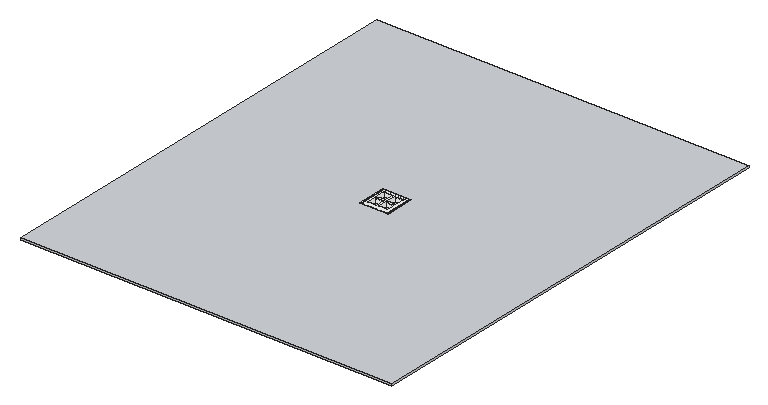
Revit family "Zumtobel MIRL mini", category Leuchten, Revit 2016
Family settings
  Basisbauteil = Fläche
  Teiletyp = Normal
  Bemaßung runder Anschluss = Durchmesser verwenden
  OmniClass-Nummer = 23.80.70.11
  OmniClass-Titel = Luminaries for Internal Lighting
  Beim Laden mit Abzugskörper schneiden = Nein
  Lichtquelle = Ja
  Gemeinsam genutzt = Nein
  Raumberechnungspunkt = Nein
Parameters (values of type "MIRL MINI LED1200")
  Width = 170.00 mm  # constant formula
  Wattage = 8.0112 W
  built-in parameter 1150110 = 1 (stored number, unit not read)
  Voltage = 230 V
  URL = "http://www.zumtobel.com/42184007"
  Typenkommentare = "© Zumtobel. We reserve the right to make technical changes without prior notice."  # constant formula
  built-in parameter 1114217 = 1 (stored number, unit not read)
  Tilt Angle = 90.00°
  built-in parameter 1150109 = 1 (stored number, unit not read)
  built-in parameter 1150134 = 12
  built-in parameter 1150113 = 1 (stored number, unit not read)
  Datei für fotometrisches Netz = "42184006_(STD).IES"
  Modell = "42184007"
  Hersteller = "Zumtobel Lighting"  # constant formula
  built-in parameter 1150105 = 94.697 (stored number, unit not read)
  Lumens = 1190 lm
  built-in parameter 1150115 = 1 (stored number, unit not read)
  built-in parameter 1150137 = (empty or 0)
  built-in parameter 1150139 = (empty or 0)
  Length = 170.00 mm  # constant formula
  built-in parameter 1150112 = 1 (stored number, unit not read)
  built-in parameter 1150114 = 1 (stored number, unit not read)
  Lampe = "LED"
  built-in parameter 1150132 = 2
  built-in parameter 1150102 = (empty or 0)
  built-in parameter 1150107 = 4000 (stored number, unit not read)
  built-in parameter 1150138 = (empty or 0)
  built-in parameter 1150106 = 0.94697 (stored number, unit not read)
  Height = 38.00 mm  # constant formula
  Emit from Rectangle Width = Length + 18.00 mm  # 188.00 mm
  Emit from Rectangle Length = Width + 18.00 mm  # 188.00 mm
  Emissionsform beim Rendern sichtbar = no
  built-in parameter 1150104 = 13.8 (stored number, unit not read)
  Farbtemperaturverschiebung bei Dämpfen der Lampe = <Keine Auswahl>
  Description = "Recessed LED luminaire "  # constant formula
  Cover [instance] = Zumtobel_MIREL_Lamp_Self_llumination
  Color Filter = 16777215
  Body [instance] = Zumtobel_Metal_White
  built-in parameter 1114218 = 1 (stored number, unit not read)
  built-in parameter 1150133 = 10 (stored number, unit not read)
  Apparent Load = 9.9 VA
  Default Elevation = 0.00 mm
  Baugruppenkennzeichen = "D5020200"
Reference planes
  plane 1 "Top": z = 0
  plane 2 "Center (Left/Right)": x = 0
  plane 3 "Center (Front/Back)": y = -11.001
  plane 4 "Back": y = 73.999
  plane 5 "Front": y = -96.001
  plane 6 "Left": x = -85
  plane 7 "Right": x = 85
  plane 8 "Back Cover": z = 0
  plane 9 "Top Body": z = 1.5
  plane 10: z = -21
  plane 11: z = -16.5
Forms (mm)
  Extrusion 1, solid
    sketch origin (0, 0, 0) x (1, 0, 0) y (0, 1, 0)
      loop
        line (-1219.2, 1439.2) -> (-1219.2, -1480.8) -> (1219.2, -1480.8) -> (1219.2, 1439.2) -> (-1219.2, 1439.2)
    from 0 to -10
  Extrusion 2, solid, material "Zumtobel_Metal_White" <- "Body", detail levels medium+fine
    sketch origin (0, 0, 0) x (1, 0, 0) y (0, 1, 0)
      loop
        line (-85, 73.999) -> (-85, -96.001) -> (85, -96.001) -> (85, 73.999) -> (-85, 73.999)
    from 0 to -38
  Blend 3, void
    base sketch origin (0, -574.933, 0) x (1, 0, 0) y (0, 1, 0)
      loop
        line (-65.95, 557.999) -> (-65.95, 497.999) -> (-5.95, 497.999) -> (-5.95, 557.999) -> (-65.95, 557.999)
    top sketch origin (0, -574.933, 0) x (1, 0, 0) y (0, 1, 0)
      loop
        line (-51.95, 543.999) -> (-51.95, 511.999) -> (-19.95, 511.999) -> (-19.95, 543.999) -> (-51.95, 543.999)
    from 1.5 to -16.5
  Blend 4, void
    base sketch origin (0, -574.933, 0) x (-1, 0, 0) y (0, -1, 0)
      loop
        line (-65.95, -557.999) -> (-5.95, -557.999) -> (-5.95, -497.999) -> (-65.95, -497.999) -> (-65.95, -557.999)
    top sketch origin (0, -574.933, 0) x (-1, 0, 0) y (0, -1, 0)
      loop
        line (-51.95, -543.999) -> (-19.95, -543.999) -> (-19.95, -511.999) -> (-51.95, -511.999) -> (-51.95, -543.999)
    from 1.5 to -16.5
  Blend 5, void
    base sketch origin (0, -503.067, 0) x (1, 0, 0) y (0, 1, 0)
      loop
        line (-65.95, 557.999) -> (-65.95, 497.999) -> (-5.95, 497.999) -> (-5.95, 557.999) -> (-65.95, 557.999)
    top sketch origin (0, -503.067, 0) x (1, 0, 0) y (0, 1, 0)
      loop
        line (-51.95, 543.999) -> (-51.95, 511.999) -> (-19.95, 511.999) -> (-19.95, 543.999) -> (-51.95, 543.999)
    from 1.5 to -16.5
  Blend 6, void
    base sketch origin (0, -503.067, 0) x (-1, 0, 0) y (0, -1, 0)
      loop
        line (-65.95, -557.999) -> (-5.95, -557.999) -> (-5.95, -497.999) -> (-65.95, -497.999) -> (-65.95, -557.999)
    top sketch origin (0, -503.067, 0) x (-1, 0, 0) y (0, -1, 0)
      loop
        line (-51.95, -543.999) -> (-19.95, -543.999) -> (-19.95, -511.999) -> (-51.95, -511.999) -> (-51.95, -543.999)
    from 1.5 to -16.5
  Extrusion 7, void
    sketch origin (0, 0, 0) x (1, 0, 0) y (0, 1, 0)
      loop
        line (-135, -146.001) -> (335, -146.001) -> (335, 123.999) -> (-135, 123.999) -> (-135, -146.001)
    from -10 to -60
  Extrusion 8, solid, material "Zumtobel_Metal_White" <- "Body", detail levels medium+fine
    sketch origin (0, 0, 0) x (1, 0, 0) y (0, 1, 0)
      loop
        line (-94, 82.999) -> (-94, -105.001) -> (94, -105.001) -> (94, 82.999) -> (-94, 82.999)
    from 0 to 1.5
  Extrusion 9, void
    sketch origin (0, 0, 0) x (1, 0, 0) y (0, 1, 0)
      loop
        line (-85, 73.999) -> (-85, -96.001) -> (85, -96.001) -> (85, 73.999) -> (-85, 73.999)
    from -10 to 0
Cuts and joins
  Blend 3, Blend 4, Blend 5, Blend 6 cuts Extrusion 2
  Blend 3, Blend 4, Blend 5, Blend 6 cuts Extrusion 8
  joined: Extrusion 2, Extrusion 8
Lines and regions (mm)
  symbolic lines, style "Zumtobel Lighting", detail levels coarse
    curve 1: line (-85, 73.999, 0) -> (85, 73.999, 0)
    curve 2: line (-85, -96.001, 0) -> (-85, 73.999, 0)
    curve 3: line (85, -96.001, 0) -> (-85, -96.001, 0)
    curve 4: line (85, 73.999, 0) -> (85, -96.001, 0)
  symbolic lines, style "Zumtobel Lighting"
    curve 5: line (-94, 82.999, 0) -> (94, 82.999, 0)
    curve 6: line (-94, -105.001, 0) -> (-94, 82.999, 0)
    curve 7: line (94, -105.001, 0) -> (-94, -105.001, 0)
    curve 8: line (94, 82.999, 0) -> (94, -105.001, 0)
Dimensions and locks
  equal spacing: plane 4 "Back", plane 3 "Center (Front/Back)", plane 5 "Front"
  "Length": plane 4 "Back" to plane 5 "Front"
  equal spacing: plane 6 "Left", plane 2 "Center (Left/Right)", plane 7 "Right"
  "Width": plane 6 "Left" to plane 7 "Right"
  locked: imposter light to plane 1 "Top" at 1.5
  locked: Extrusion 7 sketch curve to plane 4 "Back" at 50
  locked: Extrusion 7 sketch curve to plane 5 "Front" at 50
  locked: Extrusion 7 sketch curve to plane 6 "Left" at 50
  locked: plane 7 "Right" to Extrusion 7 sketch curve at 250
  aligned and locked: plane 1 "Top" to Extrusion 1
  aligned and locked: level to Extrusion 1
  aligned: imposter light to plane 2 "Center (Left/Right)"
  aligned: imposter light to plane 3 "Center (Front/Back)"
  aligned and locked: imposter light to plane 9 "Top Body"
  aligned and locked: imposter light to plane 2 "Center (Left/Right)"
  aligned: plane 1 "Top" to Extrusion 2
  aligned and locked: Extrusion 2 to plane 1 "Top"
  aligned and locked: Extrusion 2 sketch curve to plane 4 "Back"
  aligned and locked: Extrusion 2 sketch curve to plane 7 "Right"
  aligned and locked: Extrusion 2 sketch curve to plane 6 "Left"
  aligned and locked: Extrusion 2 sketch curve to plane 5 "Front"
Automatic sketch dimensions
  Extrusion 1 sketch curve to Extrusion 1 sketch curve = 2438.40 mm
  Extrusion 1 sketch curve to Extrusion 1 sketch curve = 2920.00 mm
  Blend 3 sketch curve to plane 2 "Center (Left/Right)" = 65.95 mm
  Blend 3 sketch curve to plane 2 "Center (Left/Right)" = 5.95 mm
  Blend 3 sketch curve to plane 3 "Center (Front/Back)" = 65.933 mm
  Blend 3 sketch curve to Blend 3 sketch curve = 60.00 mm
  Blend 3 sketch curve to plane 2 "Center (Left/Right)" = 51.95 mm
  Blend 3 sketch curve to plane 2 "Center (Left/Right)" = 19.95 mm
  Blend 3 sketch curve to plane 3 "Center (Front/Back)" = 51.933 mm
  Blend 3 sketch curve to Blend 3 sketch curve = 32.00 mm
  Blend 4 sketch curve to plane 2 "Center (Left/Right)" = 65.95 mm
  Blend 4 sketch curve to plane 2 "Center (Left/Right)" = 5.95 mm
  plane 3 "Center (Front/Back)" to Blend 4 sketch curve = 65.933 mm
  Blend 4 sketch curve to Blend 4 sketch curve = 60.00 mm
  Blend 4 sketch curve to plane 2 "Center (Left/Right)" = 51.95 mm
  Blend 4 sketch curve to plane 2 "Center (Left/Right)" = 19.95 mm
  plane 3 "Center (Front/Back)" to Blend 4 sketch curve = 51.933 mm
  Blend 4 sketch curve to Blend 4 sketch curve = 32.00 mm
  Blend 5 sketch curve to plane 2 "Center (Left/Right)" = 65.95 mm
  Blend 5 sketch curve to plane 2 "Center (Left/Right)" = 5.95 mm
  plane 3 "Center (Front/Back)" to Blend 5 sketch curve = 5.933 mm
  Blend 5 sketch curve to Blend 5 sketch curve = 60.00 mm
  Blend 5 sketch curve to plane 2 "Center (Left/Right)" = 51.95 mm
  Blend 5 sketch curve to plane 2 "Center (Left/Right)" = 19.95 mm
  plane 3 "Center (Front/Back)" to Blend 5 sketch curve = 19.933 mm
  Blend 5 sketch curve to Blend 5 sketch curve = 32.00 mm
  Blend 6 sketch curve to plane 2 "Center (Left/Right)" = 65.95 mm
  Blend 6 sketch curve to plane 2 "Center (Left/Right)" = 5.95 mm
  Blend 6 sketch curve to plane 3 "Center (Front/Back)" = 5.933 mm
  Blend 6 sketch curve to Blend 6 sketch curve = 60.00 mm
  Blend 6 sketch curve to plane 2 "Center (Left/Right)" = 51.95 mm
  Blend 6 sketch curve to plane 2 "Center (Left/Right)" = 19.95 mm
  Blend 6 sketch curve to plane 3 "Center (Front/Back)" = 19.933 mm
  Blend 6 sketch curve to Blend 6 sketch curve = 32.00 mm
  plane 5 "Front" to Extrusion 8 sketch curve = 9.00 mm
  plane 6 "Left" to Extrusion 8 sketch curve = 9.00 mm
  plane 7 "Right" to Extrusion 8 sketch curve = 9.00 mm
  plane 4 "Back" to Extrusion 8 sketch curve = 9.00 mm
  plane 5 "Front" to Extrusion 9 sketch curve = 0.00 mm
  Extrusion 9 sketch curve to plane 6 "Left" = 0.00 mm
  Extrusion 9 sketch curve to plane 7 "Right" = 0.00 mm
  Extrusion 9 sketch curve to plane 4 "Back" = 0.00 mm
  plane 5 "Front" to curve 3 = 0.00 mm
  curve 3 to plane 6 "Left" = 0.00 mm
  curve 1 to plane 4 "Back" = 0.00 mm
  curve 1 to plane 7 "Right" = 0.00 mm
  plane 6 "Left" to curve 5 = 9.00 mm
  plane 7 "Right" to curve 7 = 9.00 mm
  plane 5 "Front" to curve 7 = 9.00 mm
  plane 4 "Back" to curve 5 = 9.00 mm
Connectors
  electrical at (0, -11.001, -38), driven by "Voltage", driven by "Apparent Load"
    settings: on cut or joined group of Extrusion 2, Blend 3, Blend 4, Blend 5, Blend 6, Extrusion 8, index 1, voltage 230 V, apparent load 9.9 VA, apparent load phase1 0 VA, apparent load phase2 0 VA, apparent load phase3 0 VA, power factor 1, load classification "Lighting", number of poles 1, system type 30, power factor state 1, is connector primary yes, connector utility no, sub classification motor no, connector description "Power"
